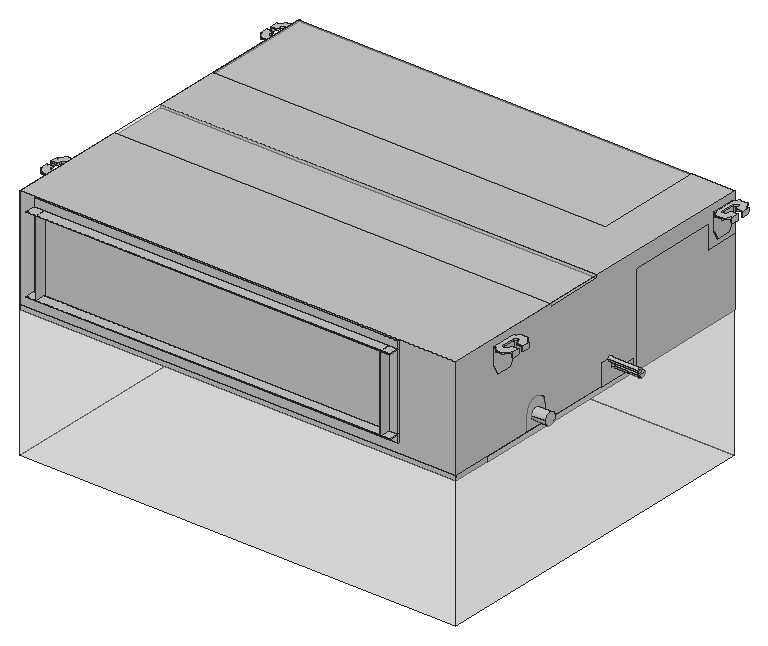
Revit family "outputfile", category 機械設備, Revit 2024
Family settings
  丸型コネクタ寸法 = 半径を使用
  パーツ タイプ = 標準
  OmniClass 番号 = 23.75.10.24.21.27.27
  OmniClass タイトル = Split System Air Conditioning Units
  作業面ベース = いいえ
  常に垂直 = はい
  ロード時にボイドで切り取り = いいえ
  注釈の向きを維持 = いいえ
  共有 = いいえ
  部屋計算ポイント = はい
Parameters (values of type "FXDBQ80AVM4")
  Description = ""
  書き出し IFC クラス(タイプ) = "IfcUnitaryEquipmentType"
  定義済み IFC タイプ(タイプ) = "AIRCONDITIONINGUNIT"
  Cost = 0
  Type Comments = ""
  Keynote = ""
  Type Image = (empty or 0)
  Assembly Code = ""
  lh_liquidpipe = [h***] + 60.0 mm  # 60.0 mm
  lh_RA [instance] = if(Rear Connection_Return Air, 125.25 mm + [h***], 245.0 mm + [h***])  # 245.0 mm
  ld_RA_length [instance] = if(Rear Connection_Return Air, 245.0 mm, 126.0 mm)  # 126.0 mm
  l_liquidpipe_length [instance] = 571.0 mm
  l_gaspipe_length [instance] = 558.0 mm
  l_drainpipe_length [instance] = 533.0 mm
  angle_vertica [instance] = 90.00°
  angle horizontal [instance] = if(Right Connection_refrigerant, 180.00°, 0.00°)  # 180.00°
  URL = ""
  Right Connection_refrigerant [instance] = yes
  製造元 = "Daikin"
  モデル = "FXDBQ80AVM4"
  w_pipe = 33.0 mm
  r_Liquid Pipe Size = Liquid Pipe Size / 2  # 4.75 mm
  r_Gas Pipe Size = Gas Pipe Size / 2  # 7.95 mm
  r_Drain Pipe Size = Drain Pipe Size / 2  # 12.5 mm
  lw_powersupply = 454.0 mm
  lw_ductflange2 = 902.0 mm
  lw_Width = 835.0 mm
  lh_suctionflange [instance] = 125.25 mm
  ld_suctionflange [instance] = if(Rear Connection_Return Air, 190.0 mm, 100.0 mm)  # 100.0 mm
  ld_powersupply = 60.0 mm
  angle_vertical_RA [instance] = if(Rear Connection_Return Air, 90.00°, 0.00°)  # 0.00°
  angle horizontal_RA [instance] = if(Rear Connection_Return Air, 180.00°, 270.00°)  # 270.00°
  Voltage_comment_60Hz = "220-230"
  Voltage_comment_50Hz = "220-240"
  Voltage_60Hz = 220 V
  Voltage_50Hz = 230 V
  Supply Air Direction [instance] = yes
  Sound Power Level_H speed (dB) = 0
  Rear Connection_Return Air [instance] = not(Bottom Connection_Return Air)  # no
  RA_length [instance] = 245.0 mm  # constant formula
  Phase_60Hz = 1
  Phase_50Hz = 1
  Minimum External Static Pressure = 15.00 Pa
  Minimum Circuit Amps_60Hz = 1.8 A
  Minimum Circuit Amps_50Hz = 1.8 A
  Maximum Fuse Amps_60Hz = 16.0 A
  Maximum Fuse Amps_50Hz = 16.0 A
  Maximum External Static Pressure = 50.00 Pa
  Material_Casing = DAIKIN_GalvanizedSteel_Casing_indoorunit
  lw_liquidpipe = 71.0 mm  # constant formula
  lw_gaspipe = 58.0 mm  # constant formula
  lw_mountinghole_pitch = 1038.0 mm
  lw_mountinghole = 20.0 mm  # constant formula
  lw_drainpipe = 33.0 mm  # constant formula
  lh_powersupply = 10.0 mm
  lh_gaspipe = [h***] + 38.0 mm  # 38.0 mm
  lh_mountinghole = Height - 15.0 mm + [h***]  # 230.0 mm
  lh_drainpipe = 150.0 mm
  lh_antena = 16.0 mm  # constant formula
  ld_liquidpipe = 193.0 mm  # constant formula
  ld_gaspipe = 130.0 mm  # constant formula
  ld_mountinghole_pitch = 630.0 mm  # constant formula
  ld_drainpipe = 280.0 mm
  ld_controlbox = 626.0 mm  # constant formula
  h*** = 0.0 mm  # constant formula
  d_dischargeflange = 25.0 mm  # constant formula
  Width = 1000.0 mm
  Version = "ver.1.0"
  Unit Type = "Bedroom Duct Type"
  Unit Mass Weight = 36.00 kg
  Unit Designation [instance] = ""
  Uniclass2015Version = "Products v1.30"
  Uniclass2015Title = "Variable refrigerant flow units"
  Uniclass2015Code = "Pr_70_65_03_94"
  Total Heating Capacity [instance] = 0.000 kW
  Total Cooling Capacity [instance] = 0.000 kW
  Sound Pressure Level_M speed (dBA) = 0
  Sound Pressure Level_L speed (dBA) = 30
  Sound Pressure Level_H speed (dBA) = 37
  Series = "VRV Fan Coil Unit"
  Sensible Cooling Capacity [instance] = 0.000 kW
  SA Duct Size Width = 790.0 mm
  SA Duct Size Height = 174.0 mm
  Refrigerant Type = "R410A"
  RA Duct Size Width = 862.0 mm
  RA Duct Size Height [instance] = if(Rear Connection_Return Air, 202.6 mm, 204.0 mm)  # 204.0 mm
  Power Input (Heating) = 0.120 kW
  Power Input (Cooling) = 0.120 kW
  Option Accessory 3 [instance] = ""
  Option Accessory 2 [instance] = ""
  Option Accessory 1 [instance] = ""
  Nominal Heating Capacity = 10.000 kW
  Nominal Cooling Capacity = 9.000 kW
  Minimum Airflow = 960.00 m³/h
  Median Airflow = 1200.00 m³/h
  Maximum Airflow = 1500.00 m³/h
  Load Classification = HVAC
  Liquid Pipe Size = 9.5 mm
  Link_Nested Family [instance] = ""
  Left Connection_refrigerant [instance] = no
  IfcVersion = "0"
  IfcExportType = "AIRCONDITIONINGUNIT"
  IfcExportAs = "IfcUnitaryEquipmentType"
  Height = 245.0 mm
  Heating Entering Wet Bulb Temperature [instance] = 0.00 °C
  Heating Entering Dry Bulb Temperature [instance] = 0.00 °C
  Heating Ambient Wet Bulb Temperature [instance] = 0.00 °C
  Heating Ambient Dry Bulb Temperature [instance] = 0.00 °C
  Heat Exchanger Type = "Cross Fin Coil"
  Gas Pipe Size = 15.9 mm
  Frequency_60Hz = 60 Hz
  Frequency_50Hz = 50 Hz
  Fan Type = "Sirocco Fan"
  Fan Drive = "Direct Drive"
  FCU Tag No. [instance] = ""
  Drain Pipe Size = 25.0 mm
  Design Supply Airflow [instance] = 0.00 m³/h
  Design Return Airflow [instance] = 0.00 m³/h
  Design External Static Pressure [instance] = 0.00 Pa
  Depth = 800.0 mm
  既定の高さ = 0.0 mm
  Cooling Entering Wet Bulb Temperature [instance] = 0.00 °C
  Cooling Entering Dry Bulb Temperature [instance] = 0.00 °C
  Cooling Ambient Wet Bulb Temperature [instance] = 0.00 °C
  Cooling Ambient Dry Bulb Temperature [instance] = 0.00 °C
  Clearance visibility [instance] = yes
  Clearance Top = 0.0 mm
  Clearance Right = 0.0 mm
  Clearance Rear = 0.0 mm
  Clearance Left = 0.0 mm
  Clearance Front = 0.0 mm
  Clearance Bottom = 300.0 mm
  Bottom Connection_Return Air [instance] = yes
Reference planes
  plane 1 "Center (Front/Back)": y = 0
  plane 2: z = 0
  plane 3 "Center (Left/Right)": x = 0
  plane 4 "Back": y = 400
  plane 5 "Front": y = -400
  plane 6 "Left": x = -500
  plane 7 "Right": x = 500
  plane 8 "Top": z = 0
  plane 9 "Bottom": z = -245
  plane 10: x = 330
  plane 11: x = -330
  plane 12: z = -235
  plane 13: z = -6
  plane 14: z = -67
  plane 15: z = -185
  plane 16: z = -207
  plane 17: x = -304
  plane 18: x = 304
  plane 19: x = -519
  plane 20: x = 519
  plane 21: x = -539
  plane 22: x = 390
  plane 23: x = 571
  plane 24: x = 558
  plane 25: x = 533
  plane 26: z = -15
  plane 27: z = -95
  plane 28 "Clearance Left": x = -500
  plane 29 "Clearance Right": x = 500
  plane 30 "Clearance Rear": y = 400
  plane 31 "Clearance Front": y = -400
  plane 32 "Clearance Top": z = 0
  plane 33 "Clearance Bottom": z = -545
  plane 34: z = -21
  plane 35: z = -206
  plane 36: z = -141.5
  plane 37: x = -40
  plane 38: y = 61
  plane 39: y = 39
  plane 40: y = -30
  plane 41: y = -171
  plane 42: z = -97.5
  plane 43: y = -400
  plane 44: x = -499
  plane 45: z = -145
  plane 46: z = -355
  plane 47: y = 210
  plane 48: z = 331
  plane 49: z = -244
  plane 50: y = 300
  plane 51: z = -146
  plane 52: x = 533
  plane 53: x = 495
  plane 54: x = 505
  plane 55: x = 501
  plane 56: x = 401
  plane 57: x = 499.004
  plane 58: x = -499
  plane 59: x = 454
  plane 60: z = -108
  plane 61: z = -234
  plane 62: x = -467
  plane 63: z = -3
  plane 64: x = -49.5
  plane 65: z = -1
  plane 66: y = 274
  plane 67: x = -50
  plane 68: y = -266
  plane 69: y = 364
  plane 70: z = -15
  plane 71: z = -185
  plane 72: z = -207
  plane 73: x = -533
  plane 74: x = -501
  plane 75: x = -571
  plane 76: x = -558
  plane 77: y = 280.25
  plane 78: z = 125.25
  plane 79: y = 117.5
  plane 80: z = -36.4
  plane 81: y = 399
Forms (mm)
  Extrusion 1, solid
    sketch origin (0, 0, 0) x (1, 0, 0) y (0, 0, 1)
      loop
        line (-500, -235) -> (-500, -245) -> (500, -245) -> (500, -235) -> (-500, -235)
    from -116.5 to 310
  Extrusion 2, solid, material "DAIKIN_GalvanizedSteel_Casing_indoorunit" <- "Material_Casing"
    sketch origin (0, 0, 0) x (1, 0, 0) y (0, 1, 0)
      loop
        line (-500, -400) -> (500, -400) -> (500, 400) -> (-500, 400) -> (-500, -400)
    from -245 to 0
  Extrusion 3, void
    sketch origin (0, 0, 1) x (1, 0, 0) y (0, 1, 0)
      loop
        line (-500, -128.821) -> (500, -128.821) -> (500, 4.179) -> (-500, 4.179) -> (-500, -128.821)
    from -1 to -7
  Revolve 4, solid, material "DAIKIN_GalvanizedSteel_Casing_indoorunit" <- "Material_Casing"
    sketch origin (0, 0, -207) x (0, -1, 0) y (1, 0, 0)
      loop
        line (-68.95, 501) -> (-61, 501) -> (-61, 558) -> (-68.95, 558) -> (-68.95, 501)
      axis (-61, 501) -> (-61, 558)
    angle from 0 to 360
  Revolve 5, solid, material "DAIKIN_GalvanizedSteel_Casing_indoorunit" <- "Material_Casing"
    sketch origin (0, 0, -185) x (0, -1, 0) y (1, 0, 0)
      loop
        line (-39, 501) -> (-39, 571) -> (-43.75, 571) -> (-43.75, 501) -> (-39, 501)
      axis (-39, 571) -> (-39, 501)
    angle from 0 to 360
  Extrusion 6, solid, material "DAIKIN_GalvanizedSteel_Casing_indoorunit" <- "Material_Casing"
    sketch origin (0, 0, 0) x (0, 1, 0) y (0, 0, 1)
      loop
        circle (-171, -206) r 13
    from 533 to 499.004
  Extrusion 7, solid, material "DAIKIN_GalvanizedSteel_Casing_indoorunit" <- "Material_Casing"
    sketch origin (0, 0, 0) x (1, 0, 0) y (0, 0, 1)
      loop
        line (-500, -235) -> (-500, -245) -> (500, -245) -> (500, -235) -> (-500, -235)
    from -116.5 to 400
  Extrusion 8, void
    sketch origin (0, 0, 0) x (1, 0, 0) y (0, 0, 1)
      loop
        line (401, 0) -> (-499, 0) -> (-499, -1) -> (401, -1) -> (401, 0)
    from -400 to -152.5
  Extrusion 9, solid, material "DAIKIN_GalvanizedSteel_Casing_indoorunit" <- "Material_Casing", visible <- "Rear Connection_Return Air"
    sketch origin (0, 0, 0) x (1, 0, 0) y (0, 1, 0)
      loop
        line (-499, 400) -> (-499, 152.5) -> (401, 152.5) -> (401, 400) -> (-499, 400)
    from -245 to -244
  Extrusion 10, solid, material "DAIKIN_GalvanizedSteel_Casing_indoorunit" <- "Material_Casing", visible <- "Bottom Connection_Return Air"
    sketch origin (0, 0, 0) x (1, 0, 0) y (0, 0, 1)
      loop
        line (401, -1) -> (-499, -1) -> (-499, -245) -> (401, -245) -> (401, -1)
    from -400 to -399
  Extrusion 11, void
    sketch origin (0, 0, 0) x (0, 1, 0) y (0, 0, 1)
      loop
        arc (-143.5, -198.721) -> (-171, -171.221) -> (-198.5, -198.721) r 27.5
        line (-198.5, -198.721) -> (-198.5, -235) -> (-143.5, -235) -> (-143.5, -198.721)
    from 499.004 to 500
  Extrusion 12, solid, material "DAIKIN_GalvanizedSteel_Casing_indoorunit" <- "Material_Casing"
    sketch origin (0, 0, 0) x (0, 1, 0) y (0, 0, 1)
      loop
        line (35.8, -185) -> (16.8, -185) -> (16.8, -235) -> (107.3, -235) -> (107.3, -217) -> (67.3, -217) -> (67.3, -207)
        arc (67.3, -207) -> (60.975, -213.325) -> (54.65, -207) r 6.325
        line (54.65, -207) -> (42.2, -207) -> (42.2, -185)
        arc (42.2, -185) -> (39, -188.2) -> (35.8, -185) r 3.2
    from 500 to 501
  Extrusion 13, void
    sketch origin (0, 0, 0) x (0, 1, 0) y (0, 0, -1)
      loop
        line (-143.5, 198.721) -> (-143.5, 235) -> (-198.5, 235) -> (-198.5, 198.721)
        arc (-198.5, 198.721) -> (-171, 171.221) -> (-143.5, 198.721) r 27.5
    from 499 to 500
  Extrusion 14, solid, material "DAIKIN_GalvanizedSteel_Casing_indoorunit" <- "Material_Casing"
    sketch origin (0, 0, 0) x (0, 1, 0) y (0, 0, -1)
      loop
        circle (-171, 206) r 13
    from 533 to 499
  Extrusion 15, solid, material "DAIKIN_GalvanizedSteel_Casing_indoorunit" <- "Material_Casing"
    sketch origin (0, 0, 0) x (0, 1, 0) y (0, 0, -1)
      loop
        arc (35.8, 185) -> (39, 188.2) -> (42.2, 185) r 3.2
        line (42.2, 185) -> (42.2, 207) -> (54.65, 207)
        arc (54.65, 207) -> (60.975, 213.325) -> (67.3, 207) r 6.325
        line (67.3, 207) -> (67.3, 217) -> (107.3, 217) -> (107.3, 235) -> (16.8, 235) -> (16.8, 185) -> (35.8, 185)
    from 500 to 501
  Revolve 16, solid, material "DAIKIN_GalvanizedSteel_Casing_indoorunit" <- "Material_Casing"
    sketch origin (0, 0, -185) x (0, -1, 0) y (1, 0, 0)
      loop
        line (-39, -501) -> (-43.75, -501) -> (-43.75, -571) -> (-39, -571) -> (-39, -501)
      axis (-39, -571) -> (-39, -501)
    angle from 0 to 360
  Revolve 17, solid, material "DAIKIN_GalvanizedSteel_Casing_indoorunit" <- "Material_Casing"
    sketch origin (0, 0, -207) x (0, -1, 0) y (1, 0, 0)
      loop
        line (-68.95, -501) -> (-68.95, -558) -> (-61, -558) -> (-61, -501) -> (-68.95, -501)
      axis (-61, -501) -> (-61, -558)
    angle from 0 to 360
  Extrusion 18, solid, material "DAIKIN_GalvanizedSteel_Casing_indoorunit" <- "Material_Casing"
    sketch origin (0, 0, 0) x (0, 1, 0) y (0, 0, 1)
      loop
        line (117.5, -36.4) -> (117.5, -245) -> (400, -245) -> (400, -88) -> (322.4, -88) -> (322.4, -36.4) -> (117.5, -36.4)
    from 501 to 500
Cuts and joins
  Extrusion 3, Extrusion 8, Extrusion 11, Extrusion 13 cuts Extrusion 2
  Extrusion 8, Extrusion 11, Extrusion 13 cuts Extrusion 7
Dimensions and locks
  "lh_powersupply": plane 12 to plane 9 "Bottom"
  locked: plane 8 "Top" to plane 13 at 6
  "Height": plane 8 "Top" to plane 9 "Bottom"
  equal spacing: plane 17, plane 3 "Center (Left/Right)", plane 18, locked at 304 each
  locked: plane 17 to plane 18 at 608
  equal spacing: plane 19, plane 3 "Center (Left/Right)", plane 20
  "lw_mountinghole_pitch": plane 19 to plane 20
  locked: plane 14 to plane 9 "Bottom" at 178
  "lw_mountinghole": plane 21 to plane 19
  locked: plane 15 to plane 9 "Bottom" at 60
  "lh_gaspipe": plane 16 to plane 9 "Bottom"
  "lh_mountinghole": plane 26 to plane 9 "Bottom"
  equal spacing: plane 6 "Left", plane 3 "Center (Left/Right)", plane 7 "Right"
  "Width": plane 6 "Left" to plane 7 "Right"
  "lh_drainpipe": plane 27 to plane 9 "Bottom"
  "Clearance Right": plane 7 "Right" to plane 29 "Clearance Right"
  "Clearance Left": plane 28 "Clearance Left" to plane 6 "Left"
  "lw_gaspipe": plane 7 "Right" to plane 24
  "lw_liquidpipe": plane 7 "Right" to plane 23
  "lw_drainpipe": plane 7 "Right" to plane 25
  "Clearance Rear": plane 30 "Clearance Rear" to plane 4 "Back"
  "Clearance Front": plane 5 "Front" to plane 31 "Clearance Front"
  "Clearance Top": plane 32 "Clearance Top" to plane 8 "Top"
  "Clearance Bottom": plane 9 "Bottom" to plane 33 "Clearance Bottom"
  locked: plane 8 "Top" to plane 34 at 21
  locked: plane 8 "Top" to plane 35 at 206
  locked: plane 36 to plane 9 "Bottom" at 103.5
  locked: plane 34 to plane 42 at 76.5
  locked: plane 44 to plane 6 "Left" at 1
  locked: plane 12 to plane 45 at 90
  locked: plane 46 to plane 33 "Clearance Bottom" at 190
  plane 48 to plane 26 = 346.0 mm
  locked: plane 49 to plane 9 "Bottom" at 1
  "ld_suctionflange": plane 4 "Back" to plane 50
  locked: plane 51 to plane 9 "Bottom" at 99
  locked: plane 7 "Right" to plane 52 at 33
  locked: plane 53 to plane 7 "Right" at 5
  locked: plane 7 "Right" to plane 54 at 5
  locked: plane 7 "Right" to plane 55 at 1
  plane 7 "Right" to plane 56 = 99.0 mm
  locked: plane 7 "Right" to plane 57 at 0.996
  locked: plane 58 to plane 6 "Left" at 1
  "lw_powersupply": plane 3 "Center (Left/Right)" to plane 59
  locked: plane 61 to plane 9 "Bottom" at 11
  locked: plane 6 "Left" to plane 62 at 33
  locked: plane 8 "Top" to plane 63 at 3
  locked: plane 8 "Top" to plane 65 at 1
  plane 66 to plane 4 "Back" = 126.0 mm
  "ld_mountinghole_pitch": plane 69 to plane 68
  locked: plane 8 "Top" to plane 70 at 15
  "Depth": plane 4 "Back" to plane 43
  equal spacing: plane 4 "Back", plane 1 "Center (Front/Back)", plane 43, locked at 400 each
  locked: plane 31 "Clearance Front" to plane 41 at 229
  locked: plane 31 "Clearance Front" to plane 39 at 439
  locked: plane 39 to plane 38 at 22
  locked: plane 8 "Top" to plane 71 at 185
  locked: plane 71 to plane 72 at 22
  locked: plane 60 to plane 9 "Bottom" at 137
  plane 72 to plane 9 "Bottom" = 38.0 mm
  locked: plane 73 to plane 6 "Left" at 33
  locked: plane 74 to plane 6 "Left" at 1
  locked: plane 75 to plane 6 "Left" at 71
  locked: plane 76 to plane 6 "Left" at 58
  "r_Liquid Pipe Size": Revolve 5 sketch curve to Revolve 5 sketch curve
  "r_Gas Pipe Size": Revolve 4 sketch curve to Revolve 4 sketch curve
  "lh_suctionflange": plane 78 to level
  "r_Liquid Pipe Size": Revolve 16 sketch curve to Revolve 16 sketch curve
  "r_Gas Pipe Size": Revolve 17 sketch curve to Revolve 17 sketch curve
  locked: plane 68 to plane 43 at 134
  "ld_RA_length": plane 30 "Clearance Rear" to plane 66
  locked: plane 30 "Clearance Rear" to Extrusion 9 sketch curve at 247.5
  locked: plane 79 to plane 30 "Clearance Rear" at 282.5
  locked: plane 80 to plane 9 "Bottom" at 208.6
  locked: Extrusion 18 sketch curve to Extrusion 18 sketch curve at 51.6
  locked: Extrusion 18 sketch curve to nested 8 at 77.6
  locked: plane 4 "Back" to plane 81 at 1
  aligned and locked: level to plane 2
  aligned and locked: Extrusion 2 to plane 9 "Bottom"
  aligned and locked: plane 8 "Top" to Extrusion 2
  aligned and locked: Revolve 4 sketch curve to Revolve 4 sketch curve
  aligned and locked: plane 20 to nested 2
  aligned and locked: plane 19 to nested 3
  aligned and locked: plane 19 to nested 4
  aligned and locked: nested 7 to plane 12
  aligned and locked: Extrusion 7 to plane 9 "Bottom"
  aligned and locked: Extrusion 6 sketch curve to plane 41
  aligned and locked: plane 4 "Back" to Extrusion 8
  aligned and locked: plane 8 "Top" to Extrusion 3
  aligned and locked: plane 9 "Bottom" to Extrusion 9  (x2)
  aligned and locked: Extrusion 9 to plane 49
  aligned and locked: Extrusion 8 to level
  aligned and locked: plane 30 "Clearance Rear" to nested 8
  aligned and locked: plane 29 "Clearance Right" to nested 8
  aligned and locked: plane 28 "Clearance Left" to nested 8
  aligned and locked: nested 8 to plane 32 "Clearance Top"
  aligned and locked: nested 8 to plane 33 "Clearance Bottom"
  aligned and locked: Extrusion 3 to plane 13
  aligned and locked: plane 7 "Right" to cut or joined group of Extrusion 2, Extrusion 3, Extrusion 8, Extrusion 11, Extrusion 13  (x2)
  aligned and locked: plane 52 to Extrusion 6
  aligned and locked: plane 56 to Extrusion 8 sketch curve
  aligned and locked: Extrusion 9 to plane 56
  aligned and locked: cut or joined group of Extrusion 2, Extrusion 3, Extrusion 8, Extrusion 11, Extrusion 13 to plane 43
  aligned and locked: nested 7 to plane 59
  aligned and locked: nested 6 to plane 1 "Center (Front/Back)"
  aligned and locked: plane 3 "Center (Left/Right)" to nested 6
  aligned and locked: plane 60 to nested 5  (x2)
  aligned and locked: nested 10 to plane 62
  aligned and locked: nested 10 to plane 63
  aligned and locked: plane 64 to nested 5
  aligned and locked: nested 11 to plane 58
  aligned and locked: plane 4 "Back" to nested 11
  aligned and locked: plane 65 to nested 11
  aligned and locked: plane 4 "Back" to Extrusion 10
  aligned and locked: plane 65 to Extrusion 10
  aligned and locked: Extrusion 10 to plane 9 "Bottom"
  aligned and locked: Extrusion 10 to plane 56
  aligned and locked: plane 4 "Back" to nested 7
  aligned and locked: nested 13 to plane 68
  aligned and locked: plane 6 "Left" to nested 13
  aligned and locked: plane 68 to nested 12
  aligned and locked: nested 12 to plane 7 "Right"
  aligned and locked: nested 15 to plane 69
  aligned and locked: plane 6 "Left" to nested 15
  aligned and locked: plane 69 to nested 14
  aligned and locked: nested 14 to plane 7 "Right"
  aligned and locked: plane 70 to nested 13
  aligned and locked: plane 70 to nested 15
  aligned and locked: plane 20 to nested 1
  aligned and locked: nested 1 to plane 69
  aligned and locked: nested 4 to plane 69
  aligned and locked: nested 3 to plane 68
  aligned and locked: nested 2 to plane 68
  aligned and locked: cut or joined group of Extrusion 2, Extrusion 3, Extrusion 8, Extrusion 11, Extrusion 13 to plane 57
  aligned and locked: Extrusion 6 to plane 57
  aligned and locked: nested 5 to plane 64
  aligned and locked: nested 5 to plane 43
  aligned and locked: cut or joined group of Extrusion 7, Extrusion 8, Extrusion 11, Extrusion 13 to plane 43
  aligned and locked: plane 7 "Right" to Extrusion 12
  aligned and locked: plane 55 to Extrusion 12
  aligned and locked: plane 71 to Revolve 5
  aligned and locked: plane 72 to Revolve 4
  aligned and locked: plane 72 to Extrusion 12
  aligned and locked: Extrusion 12 to plane 12
  aligned and locked: plane 71 to Extrusion 12
  aligned and locked: cut or joined group of Extrusion 2, Extrusion 3, Extrusion 8, Extrusion 11, Extrusion 13 to plane 6 "Left"  (x2)
  aligned and locked: plane 58 to cut or joined group of Extrusion 2, Extrusion 3, Extrusion 8, Extrusion 11, Extrusion 13
  aligned and locked: plane 58 to Extrusion 14
  aligned and locked: Extrusion 14 to plane 73
  aligned and locked: plane 6 "Left" to Extrusion 15
  aligned and locked: Extrusion 15 to plane 74
  aligned and locked: Revolve 16 to plane 74
  aligned and locked: Revolve 16 to plane 75
  aligned and locked: Revolve 17 sketch curve to Revolve 17 sketch curve
  aligned and locked: Revolve 17 to plane 74
  aligned and locked: Revolve 17 to plane 76
  aligned and locked: nested 16 to plane 39
  aligned and locked: nested 17 to plane 38
  aligned and locked: nested 17 to plane 3 "Center (Left/Right)"
  aligned and locked: plane 71 to Revolve 16
  aligned and locked: plane 72 to Revolve 17
  aligned and locked: plane 43 to nested 10
  aligned and locked: nested 8 to plane 43
  aligned and locked: nested 18 to plane 41
  aligned and locked: plane 3 "Center (Left/Right)" to nested 18
  aligned and locked: plane 35 to nested 18
  aligned and locked: nested 9 to plane 67  (x2)
  aligned and locked: nested 12 to plane 70
  aligned and locked: nested 14 to plane 70
  aligned and locked: nested 9 to plane 66
  aligned and locked: plane 29 "Clearance Right" to Extrusion 18
  aligned and locked: plane 55 to Extrusion 18
  aligned and locked: plane 80 to Extrusion 18
  aligned and locked: plane 79 to Extrusion 18
  aligned and locked: nested 19 to plane 9 "Bottom"
  aligned and locked: nested 19 to plane 56
  aligned and locked: nested 19 to plane 81
  aligned and locked: level to plane 8 "Top"
Automatic sketch dimensions
  Extrusion 1 sketch curve to plane 6 "Left" = 0.0 mm
  Extrusion 1 sketch curve to plane 7 "Right" = 0.0 mm
  Extrusion 1 sketch curve to plane 9 "Bottom" = 0.0 mm
  Extrusion 1 sketch curve to plane 12 = 0.0 mm
  Extrusion 2 sketch curve to plane 4 "Back" = 0.0 mm
  Extrusion 2 sketch curve to plane 6 "Left" = 0.0 mm
  Extrusion 2 sketch curve to plane 7 "Right" = 0.0 mm
  Extrusion 2 sketch curve to plane 43 = 0.0 mm
  Extrusion 3 sketch curve to plane 6 "Left" = 0.0 mm
  Extrusion 3 sketch curve to plane 7 "Right" = 0.0 mm
  plane 41 to Extrusion 3 sketch curve = 42.179 mm
  Extrusion 3 sketch curve to plane 1 "Center (Front/Back)" = 4.179 mm
  Revolve 4 sketch curve to plane 24 = 0.0 mm
  Revolve 4 sketch curve to plane 38 = 0.0 mm
  Revolve 4 sketch curve to plane 55 = 0.0 mm
  plane 55 to Revolve 4 sketch curve = 1.003 mm
  plane 24 to Revolve 4 sketch curve = 1.003 mm
  Revolve 5 sketch curve to plane 39 = 0.0 mm  (x2)
  Revolve 5 sketch curve to plane 23 = 0.0 mm  (x2)
  Revolve 5 sketch curve to plane 55 = 0.0 mm  (x2)
  Extrusion 6 sketch curve to plane 35 = 0.0 mm
  Extrusion 7 sketch curve to plane 6 "Left" = 0.0 mm
  Extrusion 7 sketch curve to plane 7 "Right" = 0.0 mm
  Extrusion 7 sketch curve to plane 9 "Bottom" = 0.0 mm
  Extrusion 7 sketch curve to plane 12 = 0.0 mm
  Extrusion 9 sketch curve to plane 44 = 0.0 mm
  Extrusion 9 sketch curve to plane 4 "Back" = 0.0 mm
  Extrusion 9 sketch curve to plane 56 = 0.0 mm
  Extrusion 10 sketch curve to plane 44 = 0.0 mm
  Extrusion 10 sketch curve to plane 9 "Bottom" = 0.0 mm
  Extrusion 10 sketch curve to plane 56 = 0.0 mm
  Extrusion 10 sketch curve to plane 65 = 0.0 mm
  Extrusion 11 sketch curve to plane 12 = 0.0 mm
  Extrusion 11 sketch curve to plane 41 = 0.0 mm
  Extrusion 11 sketch curve to plane 41 = 27.5 mm
  plane 35 to Extrusion 11 sketch curve = 7.279 mm
  Extrusion 12 sketch curve to plane 15 = 0.0 mm
  Extrusion 12 sketch curve to plane 12 = 0.0 mm
  Extrusion 12 sketch curve to plane 39 = 0.0 mm
  Extrusion 12 sketch curve to plane 72 = 0.0 mm
  Extrusion 12 sketch curve to Extrusion 12 sketch curve = 3.2 mm
  Extrusion 12 sketch curve to plane 1 "Center (Front/Back)" = 16.8 mm
  Extrusion 12 sketch curve to plane 38 = 6.35 mm
  Extrusion 12 sketch curve to plane 38 = 0.025 mm
  Extrusion 12 sketch curve to Extrusion 12 sketch curve = 40.0 mm
  Extrusion 12 sketch curve to Extrusion 12 sketch curve = 10.0 mm
  Extrusion 13 sketch curve to plane 12 = 0.0 mm
  Extrusion 13 sketch curve to plane 41 = 0.0 mm
  Extrusion 13 sketch curve to plane 41 = 27.5 mm
  plane 35 to Extrusion 13 sketch curve = 7.279 mm
  Extrusion 14 sketch curve to plane 35 = 0.0 mm
  Extrusion 14 sketch curve to plane 41 = 0.0 mm
  Extrusion 15 sketch curve to plane 15 = 0.0 mm
  Extrusion 15 sketch curve to plane 12 = 0.0 mm
  Extrusion 15 sketch curve to plane 39 = 0.0 mm
  Extrusion 15 sketch curve to plane 72 = 0.0 mm
  Extrusion 15 sketch curve to Extrusion 15 sketch curve = 3.2 mm
  Extrusion 15 sketch curve to plane 1 "Center (Front/Back)" = 16.8 mm
  Extrusion 15 sketch curve to plane 38 = 6.35 mm
  Extrusion 15 sketch curve to plane 38 = 0.025 mm
  Extrusion 15 sketch curve to Extrusion 15 sketch curve = 40.0 mm
  Extrusion 15 sketch curve to Extrusion 15 sketch curve = 10.0 mm
  Revolve 16 sketch curve to plane 74 = 0.0 mm  (x2)
  Revolve 16 sketch curve to plane 75 = 0.0 mm  (x2)
  Revolve 16 sketch curve to plane 39 = 0.0 mm  (x2)
  Revolve 17 sketch curve to plane 74 = 0.0 mm
  Revolve 17 sketch curve to plane 38 = 0.0 mm
  plane 75 to Revolve 17 sketch curve = 13.0 mm
  Revolve 17 sketch curve to plane 74 = 1.003 mm
  Revolve 17 sketch curve to Revolve 17 sketch curve = 1.003 mm
  Extrusion 8 sketch curve to plane 44 = 0.0 mm
  Extrusion 8 sketch curve to level = 0.0 mm
  Extrusion 8 sketch curve to plane 65 = 0.0 mm
  Extrusion 18 sketch curve to plane 9 "Bottom" = 0.0 mm
  Extrusion 18 sketch curve to plane 79 = 0.0 mm
  Extrusion 18 sketch curve to plane 80 = 0.0 mm
  Extrusion 18 sketch curve to plane 4 "Back" = 0.0 mm
  radius of Extrusion 6 sketch curve = 13.0 mm
  radius of Extrusion 14 sketch curve = 13.0 mm
Nested families
  nested 1: "daikin_mountinghole" at (519, 364, -245), l_antenna <- "lh_antena", Link_Nested Family <- "Link_Nested Family", h_mountinghole <- "lh_mountinghole", type "daikin_mountinghole"
    with show yes, l_antenna 16.0 mm, h_mountinghole 230.0 mm, Link_Nested Family ""
  nested 2: "daikin_mountinghole" at (519, -266, -245), Link_Nested Family <- "Link_Nested Family", l_antenna <- "lh_antena", h_mountinghole <- "lh_mountinghole", type "daikin_mountinghole"
    with show yes, l_antenna 16.0 mm, h_mountinghole 230.0 mm, Link_Nested Family ""
  nested 3: "daikin_mountinghole" at (-519, -266, -245), l_antenna <- "lh_antena", Link_Nested Family <- "Link_Nested Family", h_mountinghole <- "lh_mountinghole", type "daikin_mountinghole"
    with show yes, l_antenna 16.0 mm, h_mountinghole 230.0 mm, Link_Nested Family ""
  nested 4: "daikin_mountinghole" at (-519, 364, -245), l_antenna <- "lh_antena", Link_Nested Family <- "Link_Nested Family", h_mountinghole <- "lh_mountinghole", type "daikin_mountinghole"
    with show yes, l_antenna 16.0 mm, h_mountinghole 230.0 mm, Link_Nested Family ""
  nested 5: "daikin_connector_rotate2" at (-49.5, -400, -108), length <- "d_dischargeflange", type "daikin_connector_rotate2"
    with radius 10.0 mm, length 25.0 mm, angle_vertical 90.00°, show_face no
  nested 6: "daikin_△_symbolicline" at (-75, -129.904, 245) x (-0.5, 0.866, 0) z (0, 0, 1), built-in parameter 1001364 <- "Height", visible <- "Supply Air Direction", type "daikin_△_symbolicline"
    with length 300.0 mm
  nested 7: "daikin_connector_rotate2" at (454, 340, -235) x (-1, 0, 0) z (0, 0, 1), built-in parameter 1001364 <- "lw_powersupply", length <- "ld_powersupply", type "daikin_connector_rotate2"
    with radius 10.0 mm, length 60.0 mm, angle_vertical 90.00°, show_face no
  nested 8: "daikin_clearancespace" at (0, 0, -272.381), visible <- "Clearance visibility", show <- "Clearance visibility", Link_Nested Family <- "Link_Nested Family", type "daikin_clearancespace"
    with width 1000.0 mm, show yes, height 545.0 mm, depth 800.0 mm, Link_Nested Family ""
  nested 9: "daikin_connector_rotate3" at (-50, 274, 0), angle_vertical <- "angle_vertical_RA", angle_horizontal <- "angle horizontal_RA", length <- "RA_length", built-in parameter 1001364 <- "lh_RA", type "daikin_connector_rotate3"
    with show no, radius 10.0 mm, length 245.0 mm, angle_vertical 0.00°, angle_horizontal 270.00°
  nested 10: "daikin_ductflange_FXDBQ-AVM4" at (-49.5, -86.5, -385.201), width <- "lw_Width", material <- "Material_Casing", type "daikin_ductflange_FXDBQ-AVM4"
    with width 835.0 mm, material DAIKIN_GalvanizedSteel_Casing_indoorunit, height 176.0 mm, depth 25.0 mm
  nested 11: "daikin_ductflange_FXDBQ-AVM4_2" at (-49, 400, -122.5), material <- "Material_Casing", visible <- "Rear Connection_Return Air", width <- "lw_ductflange2", rear <- "Rear Connection_Return Air", bottom <- "Bottom Connection_Return Air", type "daikin_ductflange_FXDBQ-AVM4_2"
    with width 902.0 mm, rear no, material DAIKIN_GalvanizedSteel_Casing_indoorunit, height 245.0 mm, depth 1.0 mm, bottom yes, H2 20.5 mm, H1 204.0 mm
  nested 12: "daikin_hangerfixture_FXDBQ-AVM4" at (500, -266, -15) x (0, 1, 0) z (0, 0, 1), type "daikin_hangerfixture_FXDBQ-AVM4"
  nested 13: "daikin_hangerfixture_FXDBQ-AVM4" at (-500, -266, -15) x (0, -1, 0) z (0, 0, 1), type "daikin_hangerfixture_FXDBQ-AVM4"
  nested 14: "daikin_hangerfixture_FXDBQ-AVM4" at (500, 364, -15) x (0, 1, 0) z (0, 0, 1), type "daikin_hangerfixture_FXDBQ-AVM4"
  nested 15: "daikin_hangerfixture_FXDBQ-AVM4" at (-500, 364, -15) x (0, -1, 0) z (0, 0, 1), type "daikin_hangerfixture_FXDBQ-AVM4"
  nested 16: "daikin_connector_rotate3" at (0, 39, -185) x (0, -1, 0) z (0, 0, 1), radius <- "r_Liquid Pipe Size", angle_vertical <- "angle_vertica", length <- "l_liquidpipe_length", angle_horizontal <- "angle horizontal", type "daikin_connector_rotate3"
    with show no, radius 4.75 mm, length 571.0 mm, angle_vertical 90.00°, angle_horizontal 180.00°
  nested 17: "daikin_connector_rotate3" at (0, 61, -207) x (0, -1, 0) z (0, 0, 1), angle_vertical <- "angle_vertica", angle_horizontal <- "angle horizontal", length <- "l_gaspipe_length", radius <- "r_Gas Pipe Size", type "daikin_connector_rotate3"
    with show no, radius 7.95 mm, length 558.0 mm, angle_vertical 90.00°, angle_horizontal 180.00°
  nested 18: "daikin_connector_rotate3" at (0, -171, -206) x (0, -1, 0) z (0, 0, 1), angle_vertical <- "angle_vertica", angle_horizontal <- "angle horizontal", length <- "l_drainpipe_length", radius <- "r_Drain Pipe Size", type "daikin_connector_rotate3"
    with show no, radius 12.5 mm, length 533.0 mm, angle_vertical 90.00°, angle_horizontal 180.00°
  nested 19: "daikin_ductflange_FXDBQ-AVM4_2" at (-49, 274, -244) x (1, 0, 0) z (0, -1, 0), width <- "lw_ductflange2", material <- "Material_Casing", visible <- "Bottom Connection_Return Air", rear <- "Rear Connection_Return Air", bottom <- "Bottom Connection_Return Air", type "daikin_ductflange_FXDBQ-AVM4_2"
    with width 902.0 mm, rear no, material DAIKIN_GalvanizedSteel_Casing_indoorunit, height 245.0 mm, depth 1.0 mm, bottom yes, H2 20.5 mm, H1 204.0 mm
Connectors
  hvac at (-49.5, -425, -108), driven by "SA Duct Size Height", driven by "SA Duct Size Width"
    settings: on nested 5, index 7, duct flow 0.00 m³/h, flow factor 0, pres drop 0.00 Pa, loss coef 0, conn angle 0.00°, conn width 790.0 mm, conn height 174.0 mm, conn diameter 609.6 mm, duct sys type 1, conn prof type 1, flow config 0, flow direction 2, loss method 4, conn ref index -1, conn util no, is conn primary yes, conn desc "SA Duct"
  electrical at (454, 400, -235), driven by "Load Classification"
    settings: on nested 7, index 9, voltage 0 V, apparent load 0 VA, apparent load phase1 0 VA, apparent load phase2 0 VA, apparent load phase3 0 VA, power factor 1, load classification "HVAC", number of poles 1, system type 30, power factor state 1, is connector primary yes, connector utility no, sub classification motor no, connector description "Power Supply"
  hvac at (-50, 274, -245), driven by "RA Duct Size Height", driven by "RA Duct Size Width"
    settings: on nested 9, index 10, duct flow 0.00 m³/h, flow factor 0, pres drop 0.00 Pa, loss coef 0, conn angle 0.00°, conn width 862.0 mm, conn height 204.0 mm, conn diameter 609.6 mm, duct sys type 2, conn prof type 1, flow config 0, flow direction 1, loss method 4, conn ref index -1, conn util no, is conn primary no, conn desc "RA Duct"
  piping at (558, 61, -207), diameter 15.9, driven by "r_Gas Pipe Size"
    settings: on nested 17, index 13, connector inside diameter 609.6 mm, connector length 0.0 mm, flow factor 0, pipe flow 0.00 m³/h, pressure drop 0.0 Pa, fitting loss kfactor 0, connector angle 0.00°, fixture units 0, engagement length 0.0 mm, angle of deflection 0.00°, flow configuration 1, flow direction 2, fitting loss method 0, system type 29, joint type 0, gender type 0, connector reference index -1, connector utility 0, adjustable connector no, is connector primary yes, connector description "Refrigerant Gas Piping"
  piping at (571, 39, -185), diameter 9.5, driven by "r_Liquid Pipe Size"
    settings: on nested 16, index 14, connector inside diameter 609.6 mm, connector length 0.0 mm, flow factor 0, pipe flow 0.00 m³/h, pressure drop 0.0 Pa, fitting loss kfactor 0, connector angle 0.00°, fixture units 0, engagement length 0.0 mm, angle of deflection 0.00°, flow configuration 1, flow direction 1, fitting loss method 0, system type 29, joint type 0, gender type 0, connector reference index -1, connector utility 0, adjustable connector no, is connector primary no, connector description "Refrigerant Liquid Piping"
  piping at (533, -171, -206), diameter 25, driven by "r_Drain Pipe Size"
    settings: on nested 18, index 15, connector inside diameter 609.6 mm, connector length 0.0 mm, flow factor 0, pipe flow 0.00 m³/h, pressure drop 0.0 Pa, fitting loss kfactor 0, connector angle 0.00°, fixture units 0, engagement length 0.0 mm, angle of deflection 0.00°, flow configuration 1, flow direction 2, fitting loss method 4, system type 16, joint type 0, gender type 0, connector reference index -1, connector utility 0, adjustable connector no, is connector primary no, connector description "Condensate Drain Piping"
Definition of nested family "daikin_clearancespace"
  Parameters (values of type "daikin_clearancespace")
    width [instance] = 1823.963 mm
    show [instance] = yes
    material = none
    height [instance] = 1359.762 mm
    depth [instance] = 880.0 mm
    Default Elevation = 0.0 mm
    Link_Nested Family [instance] = ""
  Reference planes
    plane 1 "Center (Front/Back)": y = 0
    plane 2 "Center (Elevation)": z = -0.119
    plane 3 "Center (Left/Right)": x = 0
    plane 4: y = 440
    plane 5: y = -440
    plane 6 "Right": x = 911.982
    plane 7 "Left": x = -911.982
    plane 8 "Top": z = 679.762
    plane 9 "Bottom": z = -680
  Forms (mm)
    Extrusion 1, solid, material <- "material", visible <- "show"
      sketch origin (0, 0, 0) x (1, 0, 0) y (0, 1, 0)
        loop
          line (-911.982, 440) -> (-911.982, -440) -> (911.982, -440) -> (911.982, 440) -> (-911.982, 440)
      from -680 to 679.762
  Lines and regions (mm)
    symbolic lines, visible <- "show"
      curve 1: line (911.982, 440, 0) -> (-911.982, 440, 0)
      curve 2: line (-911.982, 440, 0) -> (-911.982, -440, 0)
      curve 3: line (-911.982, -440, 0) -> (911.982, -440, 0)
      curve 4: line (911.982, -440, 0) -> (911.982, 440, 0)
      curve 5: line (911.982, 0, 679.762) -> (-911.982, 0, 679.762)
      curve 6: line (911.982, 0, -680) -> (911.982, 0, 679.762)
      curve 7: line (-911.982, 0, -680) -> (911.982, 0, -680)
      curve 8: line (-911.982, 0, 679.762) -> (-911.982, 0, -680)
      curve 9: line (0, 440, 679.762) -> (0, -440, 679.762)
      curve 10: line (0, -440, 679.762) -> (0, -440, -680)
      curve 11: line (0, 440, -680) -> (0, 440, 679.762)
      curve 12: line (0, -440, -680) -> (0, 440, -680)
  Dimensions and locks
    "width": plane 7 "Left" to plane 6 "Right"
    "depth": plane 4 to plane 5
    "height": plane 8 "Top" to plane 9 "Bottom"
    equal spacing: plane 7 "Left", plane 3 "Center (Left/Right)", plane 6 "Right"
    equal spacing: plane 4, plane 1 "Center (Front/Back)", plane 5
    equal spacing: plane 8 "Top", plane 2 "Center (Elevation)", plane 9 "Bottom"
    aligned and locked: level to plane 2 "Center (Elevation)"
    aligned and locked: Extrusion 1 sketch curve to plane 4
    aligned and locked: plane 7 "Left" to Extrusion 1 sketch curve
    aligned and locked: Extrusion 1 sketch curve to plane 5
    aligned and locked: Extrusion 1 sketch curve to plane 6 "Right"
    aligned and locked: plane 8 "Top" to Extrusion 1
    aligned and locked: curve 1 to Extrusion 1
    aligned and locked: curve 2 to Extrusion 1
    aligned and locked: curve 3 to Extrusion 1
    aligned and locked: curve 4 to Extrusion 1
    aligned and locked: curve 5 to Extrusion 1
    aligned and locked: curve 6 to Extrusion 1
    aligned and locked: curve 7 to Extrusion 1
    aligned and locked: curve 8 to Extrusion 1
    aligned and locked: curve 9 to Extrusion 1
    aligned and locked: curve 10 to Extrusion 1
    aligned and locked: curve 11 to Extrusion 1
    aligned and locked: curve 12 to Extrusion 1
    aligned and locked: Extrusion 1 to plane 9 "Bottom"
Definition of nested family "daikin_ductflange_FXDBQ-AVM4"
  Parameters (values of type "daikin_ductflange_FXDBQ-AVM")
    width [instance] = 535.0 mm
    material [instance] = none
    height [instance] = 176.0 mm
    depth [instance] = 25.0 mm
    Default Elevation = 0.0 mm
  Reference planes
    plane 1 "Center (Front/Back)": y = 0
    plane 2: z = 189.201
    plane 3 "Center (Left/Right)": x = 0
    plane 4: y = -313.5
    plane 5: x = -267.5
    plane 6: x = 267.5
    plane 7: y = -338.5
    plane 8: z = 365.201
    plane 9: z = 277.201
    plane 10: z = 364.201
    plane 11: z = 190.201
  Forms (mm)
    Extrusion 1, solid, material <- "material"
      sketch origin (0, 0, 189.201) x (1, 0, 0) y (0, 1, 0)
        loop
          line (-245, -338.5) -> (-245, -313.5) -> (-267.5, -313.5) -> (-267.5, -314.5) -> (-246, -314.5) -> (-246, -338.5) -> (-245, -338.5)
        loop
          line (245, -338.5) -> (246, -338.5) -> (246, -314.5) -> (267.5, -314.5) -> (267.5, -313.5) -> (245, -313.5) -> (245, -338.5)
      from 1 to 175
    Extrusion 2, solid, material <- "material"
      sketch origin (0, 0, 0) x (0, 1, 0) y (0, 0, 1)
        loop
          line (-338.5, 364.201) -> (-313.5, 364.201) -> (-313.5, 382.201) -> (-314.5, 382.201) -> (-314.5, 365.201) -> (-338.5, 365.201) -> (-338.5, 364.201)
        loop
          line (-313.5, 190.201) -> (-338.5, 190.201) -> (-338.5, 189.201) -> (-314.5, 189.201) -> (-314.5, 172.201) -> (-313.5, 172.201) -> (-313.5, 190.201)
      from -267.5 to 267.5
  Dimensions and locks
    plane 4 to plane 1 "Center (Front/Back)" = 313.5 mm
    "depth": plane 7 to plane 4
    equal spacing: plane 8, plane 9, level
    "height": plane 8 to level
    equal spacing: plane 6, plane 3 "Center (Left/Right)", plane 5
    "width": plane 6 to plane 5
    plane 5 to plane 6 = 535.0 mm
    locked: plane 8 to plane 10 at 1
    locked: plane 11 to level at 1
    locked: Extrusion 1 sketch curve to Extrusion 1 sketch curve at 1
    aligned and locked: level to plane 2
    aligned and locked: Extrusion 2 to plane 5
    aligned and locked: plane 6 to Extrusion 2
    aligned and locked: plane 10 to Extrusion 1
    aligned and locked: Extrusion 1 to plane 5  (x2)
    aligned and locked: plane 6 to Extrusion 1  (x2)
  Automatic sketch dimensions
    Extrusion 1 sketch curve to plane 5 = 0.0 mm
    Extrusion 1 sketch curve to plane 7 = 0.0 mm  (x2)
    Extrusion 1 sketch curve to plane 4 = 0.0 mm  (x2)
    Extrusion 1 sketch curve to plane 6 = 0.0 mm
    plane 5 to Extrusion 1 sketch curve = 21.5 mm
    Extrusion 1 sketch curve to Extrusion 1 sketch curve = 1.0 mm  (x2)
    Extrusion 1 sketch curve to plane 6 = 22.5 mm
    Extrusion 1 sketch curve to plane 4 = 1.0 mm
    Extrusion 2 sketch curve to plane 7 = 0.0 mm  (x2)
    Extrusion 2 sketch curve to level = 0.0 mm
    Extrusion 2 sketch curve to plane 8 = 0.0 mm
    Extrusion 2 sketch curve to plane 4 = 0.0 mm  (x2)
    Extrusion 2 sketch curve to plane 11 = 0.0 mm
    Extrusion 2 sketch curve to plane 10 = 0.0 mm
    Extrusion 2 sketch curve to plane 4 = 1.0 mm
    Extrusion 2 sketch curve to Extrusion 2 sketch curve = 1.0 mm
    Extrusion 2 sketch curve to level = 17.0 mm
    plane 8 to Extrusion 2 sketch curve = 17.0 mm
Definition of nested family "daikin_ductflange_FXDBQ-AVM4_2"
  Parameters (values of type "daikin_ductflange_FXDBQ-AVM2")
    width [instance] = 602.0 mm
    material [instance] = none
    height [instance] = 245.0 mm
    depth [instance] = 1.0 mm
    bottom [instance] = no
    rear [instance] = yes
    H2 [instance] = if(rear, 18.5 mm, 20.5 mm)  # 18.5 mm
    H1 [instance] = if(rear, 202.5 mm, 204.0 mm)  # 202.5 mm
    Default Elevation = 0.0 mm
  Reference planes
    plane 1 "Center (Front/Back)": y = 0
    plane 2: z = 0
    plane 3 "Center (Left/Right)": x = 0
    plane 4: y = -1
    plane 5: x = -301
    plane 6: x = 301
    plane 7: z = 101.25
    plane 8: z = -101.25
    plane 9: z = 119.75
    plane 10: z = -125.25
    plane 11: x = -300
    plane 12: x = 300
  Forms (mm)
    Extrusion 1, solid, material <- "material"
      sketch origin (0, 0, 0) x (1, 0, 0) y (0, 0, 1)
        loop
          line (-300, -124.25) -> (300, -124.25) -> (300, 118.75) -> (-300, 118.75) -> (-300, -124.25)
        loop
          line (-282, 101.25) -> (-282, -101.25) -> (280, -101.25) -> (280, 101.25) -> (-282, 101.25)
      from 0 to 1
  Dimensions and locks
    equal spacing: plane 6, plane 3 "Center (Left/Right)", plane 5
    "width": plane 6 to plane 5
    plane 11 to plane 5 = 1.0 mm
    locked: plane 6 to plane 12 at 1
    locked: plane 9 to Extrusion 1 sketch curve at 1
    locked: Extrusion 1 sketch curve to plane 10 at 1
    locked: Extrusion 1 sketch curve to Extrusion 1 sketch curve at 18
    locked: Extrusion 1 sketch curve to Extrusion 1 sketch curve at 20
    "depth": plane 4 to plane 1 "Center (Front/Back)"
    locked: plane 8 to plane 10 at 24
    "H2": plane 9 to plane 7
    equal spacing: plane 7, level, plane 8
    "H1": plane 7 to plane 8
    aligned and locked: level to plane 2
    aligned and locked: Extrusion 1 to plane 4
    aligned and locked: Extrusion 1 sketch curve to plane 7
    aligned and locked: Extrusion 1 sketch curve to plane 8
  Automatic sketch dimensions
    Extrusion 1 sketch curve to plane 11 = 0.0 mm
    Extrusion 1 sketch curve to plane 12 = 0.0 mm
Definition of nested family "daikin_hangerfixture_FXDBQ-AVM4"
  Parameters (values of type "daikin_hangerfixture_FXDBQ-AVM")
    width = 56.0 mm
    material = none
    height = 60.0 mm
    depth = 2.0 mm
    Default Elevation = 0.0 mm
  Reference planes
    plane 1 "Center (Front/Back)": y = 0
    plane 2: z = 0
    plane 3 "Center (Left/Right)": x = 0
    plane 4: y = 417.146
    plane 5: y = -41.3
    plane 6: x = -28
    plane 7: x = 28
    plane 8: z = -2.3
    plane 9: z = -60
    plane 10: y = -2.3
    plane 11: z = -12
    plane 12: y = -39
  Forms (mm)
    Extrusion 1, solid, material <- "material"
      sketch origin (0, 0, 0) x (1, 0, 0) y (0, 0, 1)
        loop
          line (28, -39) -> (28, 0) -> (-28, 0) -> (-28, -39) -> (-16.5, -60) -> (16.5, -60) -> (28, -39)
      from 0 to 2.3
    Extrusion 2, solid, material <- "material"
      sketch origin (0, 0, 0) x (1, 0, 0) y (0, 0, 1)
        loop
          line (-6.5, -9) -> (-6.5, 0) -> (-23, 0) -> (-23, -9)
          arc (-23, -9) -> (-22.121, -11.121) -> (-20, -12) r 3
          line (-20, -12) -> (-9.5, -12)
          arc (-9.5, -12) -> (-7.379, -11.121) -> (-6.5, -9) r 3
        loop
          line (6.5, 0) -> (6.5, -9)
          arc (6.5, -9) -> (7.379, -11.121) -> (9.5, -12) r 3
          line (9.5, -12) -> (20, -12)
          arc (20, -12) -> (22.121, -11.121) -> (23, -9) r 3
          line (23, -9) -> (23, 0) -> (6.5, 0)
      from 39 to 41.3
    Extrusion 3, solid, material <- "material"
      sketch origin (0, 0, 0) x (1, 0, 0) y (0, 1, 0)
        loop
          line (-28, 0) -> (-28, -5.384)
          arc (-28, -5.384) -> (-29.236, -8.31) -> (-31.985, -9.901) r 5
          arc (-31.985, -9.901) -> (-34.858, -11.638) -> (-35.985, -14.8) r 5
          line (-35.985, -14.8) -> (-35.985, -27.18)
          arc (-35.985, -27.18) -> (-35.414, -29.501) -> (-33.831, -31.291) r 5
          line (-33.831, -31.291) -> (-23, -38.79) -> (-23, -41.3) -> (-6.5, -41.3) -> (-6.5, -28.5)
          arc (-6.5, -28.5) -> (-7.379, -26.379) -> (-9.5, -25.5) r 3
          line (-9.5, -25.5) -> (-13.5, -25.5)
          arc (-13.5, -25.5) -> (-20, -19) -> (-13.5, -12.5) r 6.5
          line (-13.5, -12.5) -> (13.5, -12.5)
          arc (13.5, -12.5) -> (20, -19) -> (13.5, -25.5) r 6.5
          line (13.5, -25.5) -> (9.5, -25.5)
          arc (9.5, -25.5) -> (7.379, -26.379) -> (6.5, -28.5) r 3
          line (6.5, -28.5) -> (6.5, -41.3) -> (23, -41.3) -> (23, -38.81) -> (33.861, -31.291)
          arc (33.861, -31.291) -> (35.444, -29.501) -> (36.015, -27.18) r 5
          line (36.015, -27.18) -> (36.015, -14.8)
          arc (36.015, -14.8) -> (34.888, -11.638) -> (32.015, -9.901) r 5
          arc (32.015, -9.901) -> (29.142, -8.164) -> (28.015, -5.002) r 5
          line (28.015, -5.002) -> (28.015, 0) -> (-28, 0)
      from -2.3 to 0
  Cuts and joins
    joined: Extrusion 1, Extrusion 2, Extrusion 3
  Dimensions and locks
    "width": plane 7 to plane 6
    equal spacing: plane 7, plane 3 "Center (Left/Right)", plane 6
    "height": plane 2 to plane 9
    locked: level to plane 11 at 12
    plane 5 to plane 1 "Center (Front/Back)" = 41.3 mm  (x2)
    locked: plane 12 to plane 5 at 2.3
    aligned and locked: level to plane 2
    aligned and locked: Extrusion 1 to plane 9
    aligned and locked: Extrusion 1 to plane 10
    aligned and locked: Extrusion 1 to plane 1 "Center (Front/Back)"
    aligned and locked: Extrusion 2 to plane 11  (x2)
    aligned and locked: plane 12 to Extrusion 2
    aligned and locked: Extrusion 2 to plane 5
    aligned and locked: Extrusion 3 to plane 8
  Automatic sketch dimensions
    Extrusion 2 sketch curve to level = 0.0 mm  (x2)
    Extrusion 2 sketch curve to plane 11 = 0.0 mm  (x2)
    plane 6 to Extrusion 2 sketch curve = 5.0 mm
    plane 11 to Extrusion 2 sketch curve = 3.0 mm  (x3)
    Extrusion 2 sketch curve to plane 3 "Center (Left/Right)" = 9.5 mm
    plane 3 "Center (Left/Right)" to Extrusion 2 sketch curve = 6.5 mm
    Extrusion 2 sketch curve to Extrusion 2 sketch curve = 10.5 mm
    Extrusion 2 sketch curve to plane 7 = 5.0 mm
    Extrusion 1 sketch curve to plane 6 = 0.0 mm
    Extrusion 1 sketch curve to plane 9 = 0.0 mm
    Extrusion 1 sketch curve to plane 7 = 0.0 mm
    Extrusion 1 sketch curve to level = 0.0 mm
    Extrusion 1 sketch curve to plane 7 = 11.5 mm
    plane 9 to Extrusion 1 sketch curve = 21.0 mm  (x2)
    plane 6 to Extrusion 1 sketch curve = 11.5 mm
    plane 1 "Center (Front/Back)" to Extrusion 3 sketch curve = 0.0 mm
    Extrusion 3 sketch curve to plane 6 = 0.0 mm
    Extrusion 3 sketch curve to plane 5 = 0.0 mm  (x2)
    Extrusion 3 sketch curve to plane 3 "Center (Left/Right)" = 13.5 mm
    Extrusion 3 sketch curve to Extrusion 3 sketch curve = 4.0 mm  (x2)
    Extrusion 3 sketch curve to plane 3 "Center (Left/Right)" = 6.5 mm
    plane 3 "Center (Left/Right)" to Extrusion 3 sketch curve = 6.5 mm
    Extrusion 3 sketch curve to Extrusion 3 sketch curve = 3.0 mm
    Extrusion 3 sketch curve to plane 7 = 5.0 mm
    plane 12 to Extrusion 3 sketch curve = 10.5 mm  (x2)
    Extrusion 3 sketch curve to Extrusion 3 sketch curve = 6.5 mm
    Extrusion 3 sketch curve to plane 10 = 3.084 mm
    Extrusion 3 sketch curve to plane 6 = 4.985 mm
    Extrusion 3 sketch curve to plane 10 = 2.702 mm  (x2)
    Extrusion 3 sketch curve to plane 6 = 3.985 mm
    Extrusion 3 sketch curve to plane 6 = 2.985 mm  (x2)
    Extrusion 3 sketch curve to Extrusion 3 sketch curve = 4.111 mm
    plane 12 to Extrusion 3 sketch curve = 0.21 mm
    Extrusion 3 sketch curve to Extrusion 3 sketch curve = 2.846 mm
    plane 12 to Extrusion 3 sketch curve = 7.709 mm
    plane 6 to Extrusion 3 sketch curve = 5.0 mm
    plane 7 to Extrusion 3 sketch curve = 0.015 mm
    Extrusion 3 sketch curve to Extrusion 3 sketch curve = 5.0 mm
    plane 7 to Extrusion 3 sketch curve = 4.015 mm
    plane 7 to Extrusion 3 sketch curve = 3.015 mm  (x2)
    Extrusion 3 sketch curve to Extrusion 3 sketch curve = 0.0 mm
    plane 12 to Extrusion 3 sketch curve = 11.82 mm
    Extrusion 3 sketch curve to Extrusion 3 sketch curve = 2.154 mm
    plane 12 to Extrusion 3 sketch curve = 0.19 mm
Definition of nested family "daikin_mountinghole"
  Parameters (values of type "daikin_mountinghole")
    Default Elevation = 1219.2 mm
    Type Comments = "mountinghole"
    show [instance] = yes
    material = none
    l_centerline = 100.0 mm
    l_antenna [instance] = 100.0 mm
    h_mountinghole [instance] = 0.0 mm
    d_circle = 30.0 mm
    Link_Nested Family [instance] = ""
  Reference planes
    plane 1 "Center (Front/Back)": y = 0
    plane 2: z = 0
    plane 3 "Center (Left/Right)": x = 0
    plane 4: y = 50
    plane 5: x = -50
    plane 6: x = 50
    plane 7: y = -50
    plane 8 "h_mountinghole": z = 0
    plane 9: z = 100
  Lines and regions (mm)
    model lines, detail levels fine
      curve 1: circle (0, 0, 0) r 15 normal (0, 0, 1)
      curve 2: line (-50, 0, 0) -> (50, 0, 0)
      curve 3: line (0, 50, 0) -> (0, -50, 0)
    symbolic lines, detail levels fine
      curve 4: circle (0, 0, 0) r 15 normal (0, 0, 1)
      curve 5: line (-50, 0, 0) -> (50, 0, 0)
      curve 6: line (0, 50, 0) -> (0, -50, 0)
    model lines
      curve 7: line (0, 0, 100) -> (0, 0, 0)
  Dimensions and locks
    equal spacing: plane 4, plane 1 "Center (Front/Back)", plane 7
    "l_centerline": plane 4 to plane 7
    equal spacing: plane 5, plane 3 "Center (Left/Right)", plane 6
    "l_centerline": plane 5 to plane 6
    "l_antenna": plane 9 to plane 8 "h_mountinghole"
    "h_mountinghole": plane 8 "h_mountinghole" to plane 2
    "d_circle": diameter of curve 1
    "d_circle": diameter of curve 4
    aligned and locked: level to plane 2
    aligned and locked: plane 1 "Center (Front/Back)" to curve 1
    aligned and locked: plane 3 "Center (Left/Right)" to curve 1
    aligned and locked: plane 1 "Center (Front/Back)" to curve 2
    aligned and locked: curve 3 to plane 3 "Center (Left/Right)"
    aligned and locked: plane 6 to curve 2
    aligned and locked: plane 5 to curve 2
    aligned and locked: plane 4 to curve 3
    aligned and locked: plane 7 to curve 3
    aligned and locked: plane 1 "Center (Front/Back)" to curve 4
    aligned and locked: plane 3 "Center (Left/Right)" to curve 4
    aligned and locked: plane 6 to curve 5
    aligned and locked: plane 5 to curve 5
    aligned and locked: plane 1 "Center (Front/Back)" to curve 5
    aligned and locked: plane 4 to curve 6
    aligned and locked: plane 7 to curve 6
    aligned and locked: curve 6 to plane 3 "Center (Left/Right)"
    aligned and locked: curve 7 to plane 3 "Center (Left/Right)"
    aligned and locked: plane 9 to curve 7
    aligned and locked: plane 8 "h_mountinghole" to curve 7
Definition of nested family "daikin_connector_rotate2"
  Parameters (values of type "daikin_connector_rotate2")
    show_face = yes
    radius [instance] = 10.0 mm
    length [instance] = 600.0 mm
    d_surface = 10.0 mm
    angle_vertical [instance] = 90.00°
    Default Elevation = 0.0 mm
  Reference planes
    plane 1 "Center (Front/Back)": y = 0
    plane 2: z = 0
    plane 3 "Center (Left/Right)": x = 0
  Forms (mm)
    Extrusion 1, solid, visible <- "show_face"
      sketch origin (0, -600, 0) x (1, 0, 0) y (0, 0, 1)
        loop
          circle (0, 0) r 10
      from 0 to -10
  Lines and regions (mm)
    reference lines
      curve 1: line (0, 0, 0) -> (0, -600, 0)
    symbolic lines
      curve 2: circle (0, 0, 0) r 5 normal (0, 0, 1)
    model lines, visible <- "show_face"
      curve 3: line (0, 0, 0) -> (0, -600, 0)
  Dimensions and locks
    "length": curve 1 to curve 1
    "length": curve 3 to curve 3
    "d_surface": Extrusion 1 to Extrusion 1
    "radius": radius of Extrusion 1 sketch curve
    "angle_vertical": angle curve 1 to plane 1 "Center (Front/Back)"
    "angle_vertical": angle curve 3 to plane 1 "Center (Front/Back)"
    aligned and locked: level to plane 2
    aligned and locked: plane 1 "Center (Front/Back)" to curve 1
    aligned and locked: plane 2 to curve 1
    aligned and locked: plane 1 "Center (Front/Back)" to curve 2
    aligned and locked: plane 3 "Center (Left/Right)" to curve 2
    aligned and locked: plane 1 "Center (Front/Back)" to curve 3
    aligned and locked: plane 2 to curve 3
    aligned and locked: Extrusion 1 to Extrusion 1
  Automatic sketch dimensions
    Extrusion 1 sketch curve to level = 0.0 mm
    Extrusion 1 sketch curve to plane 3 "Center (Left/Right)" = 0.0 mm
    radius of curve 2 = 5.0 mm
Definition of nested family "daikin_△_symbolicline"
  Parameters (values of type "daikin_△_symbolicline")
    length [instance] = 500.0 mm
    Default Elevation = 0.0 mm
  Reference planes
    plane 1 "Center (Front/Back)": y = 0
    plane 2: z = 0
    plane 3 "Center (Left/Right)": x = 0
  Lines and regions (mm)
    symbolic lines
      curve 1: line (0, -433.013, 0) -> (250, 0, 0)
      curve 2: line (250, 0, 0) -> (-250, 0, 0)
      curve 3: line (-250, 0, 0) -> (0, -433.013, 0)
  Dimensions and locks
    equal spacing: curve 3, plane 3 "Center (Left/Right)", curve 2
    "length": curve 3 to curve 2
    "length": curve 3 to curve 3
    "length": curve 1 to curve 1
    aligned and locked: level to plane 2
    aligned and locked: curve 2 to plane 1 "Center (Front/Back)"
    aligned and locked: plane 3 "Center (Left/Right)" to curve 3
Definition of nested family "daikin_connector_rotate3"
  Parameters (values of type "daikin_connector_rotate3")
    Default Elevation = 1219.2 mm
    show [instance] = yes
    radius [instance] = 10.0 mm
    length [instance] = 600.0 mm
    angle_horizontal [instance] = 60.00°
    angle_vertical [instance] = 90.00°
  Reference planes
    plane 1 "Center (Front/Back)": y = 0
    plane 2: z = 0
    plane 3 "Center (Left/Right)": x = 0
  Dimensions and locks
    "angle_horizontal": angle plane 3 "Center (Left/Right)" to nested 1
    aligned and locked: level to plane 2
    aligned and locked: plane 1 "Center (Front/Back)" to nested 1  (x2)
    aligned and locked: plane 3 "Center (Left/Right)" to nested 1
  Nested families
    nested 1: "daikin_connector_rotate2" at (0, 0, 0) x (0.5, 0.866, 0) z (0, 0, 1), angle_vertical <- "angle_vertical", length <- "length", radius <- "radius", type "daikin_connector_rotate2"
      with radius 10.0 mm, length 600.0 mm, angle_vertical 90.00°
  Definition of nested family "daikin_connector_rotate2"
    Parameters (values of type "daikin_connector_rotate2")
      show_face = yes
      radius [instance] = 10.0 mm
      length [instance] = 600.0 mm
      d_surface = 10.0 mm
      angle_vertical [instance] = 90.00°
      Default Elevation = 0.0 mm
    Reference planes
      plane 1 "Center (Front/Back)": y = 0
      plane 2: z = 0
      plane 3 "Center (Left/Right)": x = 0
    Forms (mm)
      Extrusion 1, solid, visible <- "show_face"
        sketch origin (0, -600, 0) x (1, 0, 0) y (0, 0, 1)
          loop
            circle (0, 0) r 10
        from 0 to -10
    Lines and regions (mm)
      reference lines
        curve 1: line (0, 0, 0) -> (0, -600, 0)
      symbolic lines
        curve 2: circle (0, 0, 0) r 5 normal (0, 0, 1)
      model lines, visible <- "show_face"
        curve 3: line (0, 0, 0) -> (0, -600, 0)
    Dimensions and locks
      "length": curve 1 to curve 1
      "length": curve 3 to curve 3
      "d_surface": Extrusion 1 to Extrusion 1
      "radius": radius of Extrusion 1 sketch curve
      "angle_vertical": angle curve 1 to plane 1 "Center (Front/Back)"
      "angle_vertical": angle curve 3 to plane 1 "Center (Front/Back)"
      aligned and locked: level to plane 2
      aligned and locked: plane 1 "Center (Front/Back)" to curve 1
      aligned and locked: plane 2 to curve 1
      aligned and locked: plane 1 "Center (Front/Back)" to curve 2
      aligned and locked: plane 3 "Center (Left/Right)" to curve 2
      aligned and locked: plane 1 "Center (Front/Back)" to curve 3
      aligned and locked: plane 2 to curve 3
      aligned and locked: Extrusion 1 to Extrusion 1
    Automatic sketch dimensions
      Extrusion 1 sketch curve to level = 0.0 mm
      Extrusion 1 sketch curve to plane 3 "Center (Left/Right)" = 0.0 mm
      radius of curve 2 = 5.0 mm
